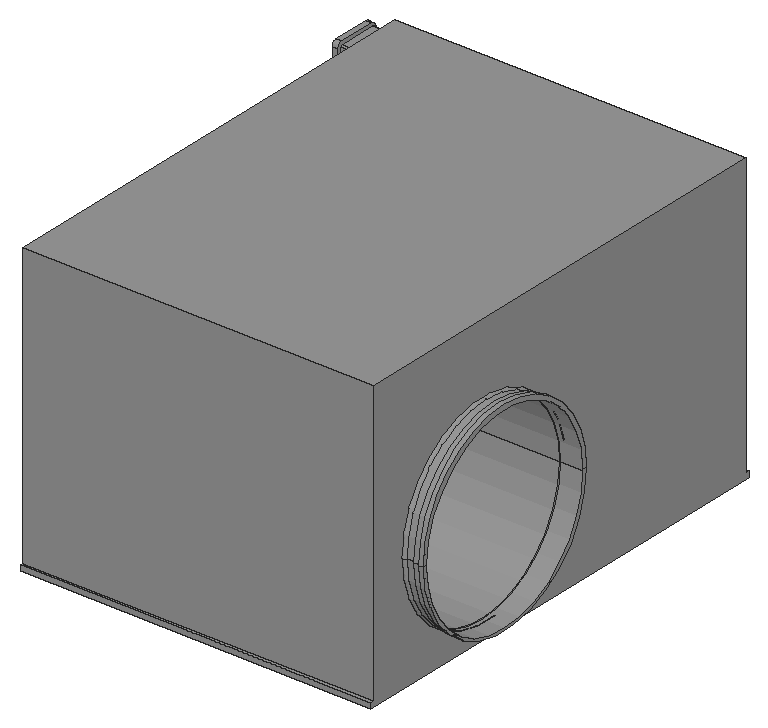
Revit family "IRB 355  D1 ErP AC_7890114", category Mechanical Equipment, Revit 2014
Parameters (values of type "IRB 355 D1 ErP AC")
  Wiring diagram = "4040005"
  Width = 708 mm
  Weight = 48.20 kg
  Voltage range = "220-2400 V"
  Voltage = 230 V
  Speed = "1400 rpm"
  Sound pressure level at 3 m = "51 dB(A)"
  Power = 448 W
  Phase = 1
  Max. temperature of transported air when speed controlled = 60 °C
  Max. temperature of transported air = 60 °C
  Main Material = Steel, Galvanized
  Height = 840 mm
  Frequency = 50 Hz
  Elevation [instance] = 2600 mm
  Diameter = 355 mm
  Description = "Insulated duct fans with circular connections"
  Depth = 513 mm
  Current = 3.05 A
  Capacitor = "10 µF"
Reference planes
  plane 1 "Center (Front/Back)": y = 0
  plane 2: z = 0
  plane 3 "Center (Left/Right)": x = 0
  plane 4: z = 2600
Dimensions and locks
  "Elevation": plane 4 to plane 2
  aligned and locked: level to plane 2
  aligned and locked: plane 3 "Center (Left/Right)" to nested 1
  aligned and locked: plane 1 "Center (Front/Back)" to nested 1
  aligned and locked: nested 1 to nested 2  (x2)
  aligned and locked: nested 1 to plane 4
Nested families
  nested 1: "IRB" at (0, 0, 2600), type "IRB"
    with Height 840 mm
  nested 2: "Flow direction symbol" at (0, 0, 0), type "Flow direction symbol"
Connectors
  electrical at (-354, 368.5, 3061.5), driven by "Phase", driven by "Voltage", driven by "Power"
    settings: on nested 1, index 1, voltage 230 V, apparent load 0 VA, apparent load phase1 448 VA, apparent load phase2 0 VA, apparent load phase3 0 VA, power factor 1, load classification "Other", number of poles 1, system type 31, power factor state 1, is connector primary yes, connector utility no, sub classification motor no, connector description ""
  hvac at (-354, -174.65, 2811.368), driven by "Diameter"
    settings: on nested 1, index 2, duct flow 0.0 L/s, flow factor 0, pres drop 0.0 Pa, loss coef 0, conn angle 0.00°, conn width 304.8 mm, conn height 304.8 mm, conn diameter 355 mm, duct sys type 1, conn prof type 0, flow config 0, flow direction 1, loss method 0, conn ref index -1, conn util no, is conn primary yes, conn desc ""
  hvac at (354, -174.487, 2812), driven by "Diameter"
    settings: on nested 1, index 3, duct flow 0.0 L/s, flow factor 0, pres drop 0.0 Pa, loss coef 0, conn angle 0.00°, conn width 304.8 mm, conn height 304.8 mm, conn diameter 355 mm, duct sys type 3, conn prof type 0, flow config 0, flow direction 2, loss method 0, conn ref index -1, conn util no, is conn primary no, conn desc ""
Definition of nested family "IRB"
  Parameters (values of type "IRB")
    Width = 708 mm
    Main Material = Steel, Galvanized
    Height = 849 mm
    Description = ""
    Depth = 513 mm
  Reference planes
    plane 1 "Center (Front/Back)": y = 0
    plane 2: z = 0
    plane 3 "Center (Left/Right)": x = 0
    plane 4: z = 513
    plane 5 "Horizontal Pipe Axis": z = 262
    plane 6: z = 10
    plane 7: z = 503
    plane 8: x = -312.5
    plane 9: x = 312.5
    plane 10: x = -354
    plane 11: x = 354
    plane 12: y = 424.5
    plane 13: y = -424.5
    plane 14: y = 414.5
    plane 15: x = -344
  Forms (mm)
    Extrusion 1, solid, material "Steel, Galvanized" <- "Main Material", detail levels medium+fine
      sketch origin (0, 0, 0) x (0, 1, 0) y (0, 0, 1)
        loop
          line (-424.5, 0) -> (424.5, 0) -> (424.5, 10) -> (419.5, 10) -> (419.5, 11) -> (419.5, 513) -> (-419.5, 513) -> (-419.5, 10) -> (-424.5, 10) -> (-424.5, 0)
      from -312.5 to 312.5
    Extrusion 2, void
      sketch origin (0, 34.5, -10.499) x (0, 1, 0) y (0, 0, 1)
        loop
          circle (-208.975, 220.604) r 175
      from -809.837 to 500.936
    Extrusion 3, solid, material "Steel, Galvanized" <- "Main Material", detail levels coarse
      sketch origin (0, 35, -5) x (0, 1, 0) y (0, 0, -1)
        loop
          circle (-208.916, -215.66) r 176
      from 312.5 to 354
    Revolve 4, solid, material "Steel, Galvanized" <- "Main Material", detail levels medium+fine
      sketch origin (0, 34.5, 212) x (-1, 0, 0) y (0, -1, 0)
        loop
          line (354, 28) -> (354, 209.5) -> (312.5, 209.5) -> (312.5, 32)
          arc (312.5, 32) -> (316.75, 30) -> (321, 32) r 5.516
          line (321, 32) -> (336, 32) -> (336, 30) -> (346, 30) -> (346, 28) -> (354, 28)
        axis (312.5, 209.5) -> (354, 209.5)
      angle from 0 to 360
    Extrusion 5, solid, material "Steel, Galvanized" <- "Main Material", detail levels coarse
      sketch origin (0, 0, 0) x (0, 1, 0) y (0, 0, 1)
        loop
          line (424.5, 513) -> (-424.5, 513) -> (-424.5, 0) -> (424.5, 0) -> (424.5, 513)
      from -312.5 to 312.5
    Sweep 6, solid, material "Plastic, Opaque White", detail levels fine
      path origin (0, 0, 0) x (1, 0, 0) y (0, 1, 0)
        loop
          line (-344, 414.5) -> (-354, 414.5)
      profile origin (-349, 414.5, 0) x (0, -1, 0) y (0, 0, 1)
        loop
          arc (8.073, 503) -> (2.365, 500.635) -> (0, 494.927) r 8.073
          line (0, 494.927) -> (0, 428.073)
          arc (0, 428.073) -> (2.365, 422.365) -> (8.073, 420) r 8.073
          line (8.073, 420) -> (74.927, 420)
          arc (74.927, 420) -> (80.635, 422.365) -> (83, 428.073) r 8.073
          line (83, 428.073) -> (83, 494.927)
          arc (83, 494.927) -> (80.635, 500.635) -> (74.927, 503) r 8.073
          line (74.927, 503) -> (8.073, 503)
    Sweep 7, solid, material "Plastic, Opaque White", detail levels fine
      path origin (0, 0, 0) x (1, 0, 0) y (0, 1, 0)
        loop
          line (-344, 373) -> (-312.5, 373)
      profile origin (-328.25, 373, 0) x (0, 1, 0) y (0, 0, 1)
        loop
          line (33.427, 498) -> (-33.427, 498)
          arc (-33.427, 498) -> (-35.6, 497.1) -> (-36.5, 494.927) r 3.073
          line (-36.5, 494.927) -> (-36.5, 428.073)
          arc (-36.5, 428.073) -> (-35.6, 425.9) -> (-33.427, 425) r 3.073
          line (-33.427, 425) -> (33.427, 425)
          arc (33.427, 425) -> (35.6, 425.9) -> (36.5, 428.073) r 3.073
          line (36.5, 428.073) -> (36.5, 494.927)
          arc (36.5, 494.927) -> (35.6, 497.1) -> (33.427, 498) r 3.073
    Revolve 8, solid, material "Steel, Galvanized" <- "Main Material", detail levels medium+fine
      sketch origin (0, 0, 212) x (1, 0, 0) y (0, 1, 0)
        loop
          line (354, 6.5) -> (346, 6.5) -> (346, 4.5) -> (336, 4.5) -> (336, 2.5) -> (321, 2.5)
          arc (321, 2.5) -> (316.75, 4.5) -> (312.5, 2.5) r 5.516
          line (312.5, 2.5) -> (312.5, -174.5) -> (354, -174.5) -> (354, 6.5)
        axis (312.5, -174.5) -> (354, -174.5)
      angle from 0 to 360
    Extrusion 9, solid, material "Steel, Galvanized" <- "Main Material", detail levels coarse
      sketch origin (0, 35, 0) x (0, 1, 0) y (0, 0, 1)
        loop
          circle (-209.5, 262) r 176
      from 312.5 to 354
  Cuts and joins
    Extrusion 2 cuts Extrusion 1
    joined: Sweep 6, Sweep 7
    Extrusion 2 cuts Revolve 4
    Extrusion 2 cuts Revolve 8
  Dimensions and locks
    equal spacing: plane 10, plane 3 "Center (Left/Right)", plane 11
    "Width": plane 10 to plane 11
    "Depth": plane 4 to level
    locked: plane 12 to plane 14 at 10
    locked: plane 4 to plane 7 at 10
    locked: plane 10 to plane 15 at 10
    locked: plane 10 to plane 8 at 41.5
    locked: plane 9 to plane 11 at 41.5
    locked: Sweep 7 sketch curve to plane 7 at 5
    locked: plane 14 to Sweep 7 sketch curve at 5
    plane 4 to plane 5 "Horizontal Pipe Axis" = 251 mm
    equal spacing: plane 12, plane 1 "Center (Front/Back)", plane 13
    "Height": plane 12 to plane 13
    aligned and locked: level to plane 2
    aligned and locked: Extrusion 1 sketch curve to plane 13
    aligned and locked: plane 2 to Extrusion 1 sketch curve
    aligned and locked: Extrusion 1 sketch curve to plane 12
    aligned and locked: Extrusion 1 to plane 9
    aligned and locked: Extrusion 1 to plane 8
    aligned and locked: Extrusion 3 to plane 10
    aligned and locked: plane 8 to Extrusion 3
    aligned and locked: Extrusion 3 to plane 8
    aligned and locked: plane 4 to Extrusion 5 sketch curve
    aligned and locked: plane 12 to Extrusion 5 sketch curve
    aligned and locked: Extrusion 5 sketch curve to cut or joined group of Extrusion 1, Extrusion 2  (x2)
    aligned and locked: Extrusion 5 to plane 8
    aligned and locked: Extrusion 5 to plane 9
    aligned and locked: plane 10 to Sweep 6 sketch curve
    aligned and locked: plane 15 to Sweep 6 sketch curve
    aligned and locked: Sweep 6 sketch curve to plane 7
    aligned and locked: Sweep 6 sketch curve to plane 14
    aligned and locked: plane 8 to Sweep 7 sketch curve
    aligned and locked: plane 15 to Sweep 7 sketch curve
    aligned and locked: Revolve 4 sketch curve to plane 10
    aligned and locked: cut or joined group of Extrusion 2, Revolve 4 to plane 10
    aligned and locked: cut or joined group of Extrusion 2, Revolve 4 to plane 8
  Automatic sketch dimensions
    Extrusion 1 sketch curve to plane 4 = 0 mm
    Extrusion 1 sketch curve to plane 6 = 0 mm  (x2)
    Extrusion 1 sketch curve to plane 13 = 5 mm
    Extrusion 1 sketch curve to plane 12 = 5 mm
    Extrusion 1 sketch curve to Extrusion 1 sketch curve = 1 mm
    Extrusion 2 sketch curve to plane 5 "Horizontal Pipe Axis" = 51.895 mm
    plane 1 "Center (Front/Back)" to Extrusion 2 sketch curve = 174.475 mm
    Extrusion 3 sketch curve to plane 5 "Horizontal Pipe Axis" = 51.34 mm
    plane 1 "Center (Front/Back)" to Extrusion 3 sketch curve = 173.916 mm
    Revolve 4 sketch curve to plane 8 = 0 mm  (x2)
    plane 1 "Center (Front/Back)" to Revolve 4 sketch curve = 1.015 mm
    Revolve 4 sketch curve to plane 8 = 4.25 mm
    Revolve 4 sketch curve to plane 1 "Center (Front/Back)" = 2.5 mm
    Revolve 4 sketch curve to Revolve 4 sketch curve = 4.25 mm
    plane 15 to Revolve 4 sketch curve = 8 mm
    Revolve 4 sketch curve to plane 15 = 2 mm
    Revolve 4 sketch curve to plane 1 "Center (Front/Back)" = 4.5 mm
    Revolve 4 sketch curve to plane 1 "Center (Front/Back)" = 6.5 mm
    Revolve 4 sketch curve to Revolve 4 sketch curve = 173.985 mm
    Revolve 4 sketch curve to Revolve 4 sketch curve = 93.5 mm
    Revolve 4 sketch curve to Revolve 4 sketch curve = 0 mm
    Sweep 6 sketch curve to plane 14 = 0 mm
    Sweep 6 sketch curve to profile plane = 8.073 mm
    Sweep 6 sketch curve to Sweep 6 sketch curve = 8.073 mm  (x2)
    Sweep 6 sketch curve to Sweep 6 sketch curve = 66.854 mm  (x3)
    Sweep 7 sketch curve to plane 14 = 41.5 mm
    Sweep 7 sketch curve to Sweep 7 sketch curve = 3.073 mm  (x3)
    profile plane to Sweep 7 sketch curve = 33.427 mm  (x2)
    Sweep 7 sketch curve to Sweep 7 sketch curve = 66.854 mm
    Revolve 8 sketch curve to plane 9 = 0 mm  (x2)
    Revolve 8 sketch curve to plane 11 = 0 mm
    plane 1 "Center (Front/Back)" to Revolve 8 sketch curve = 1.015 mm
    Revolve 8 sketch curve to plane 9 = 4.25 mm
    Revolve 8 sketch curve to plane 1 "Center (Front/Back)" = 2.5 mm
    Revolve 8 sketch curve to Revolve 8 sketch curve = 4.25 mm
    Revolve 8 sketch curve to Revolve 8 sketch curve = 15 mm
    plane 11 to Revolve 8 sketch curve = 8 mm
    plane 1 "Center (Front/Back)" to Revolve 8 sketch curve = 174.5 mm
    Revolve 8 sketch curve to Revolve 8 sketch curve = 2 mm  (x2)
    Revolve 8 sketch curve to Revolve 8 sketch curve = 93.5 mm
    Revolve 8 sketch curve to Revolve 8 sketch curve = 0 mm
    Extrusion 9 sketch curve to plane 5 "Horizontal Pipe Axis" = 0 mm
    plane 1 "Center (Front/Back)" to Extrusion 9 sketch curve = 174.5 mm
    radius of Extrusion 2 sketch curve = 175 mm
    radius of Extrusion 3 sketch curve = 176 mm
    radius of Extrusion 9 sketch curve = 176 mm
Definition of nested family "Flow direction symbol"
  Parameters (values of type "Flow direction symbol")
    Warning = "!"
    Text = "DIMENSIONS OVERCONSTRAINT"
  Reference planes
    plane 1: y = 0
    plane 2: x = 0
  Lines and regions (mm)
    detail lines
      curve 1: line (-0.506, 0.877, 0) -> (-0.506, -0.877, 0)
      curve 2: line (1.012, 0, 0) -> (-0.506, -0.877, 0)
      curve 3: line (-0.506, 0.877, 0) -> (1.012, 0, 0)
      curve 4: circle (0, 0, 0) r 1 normal (0, 0, 1)
